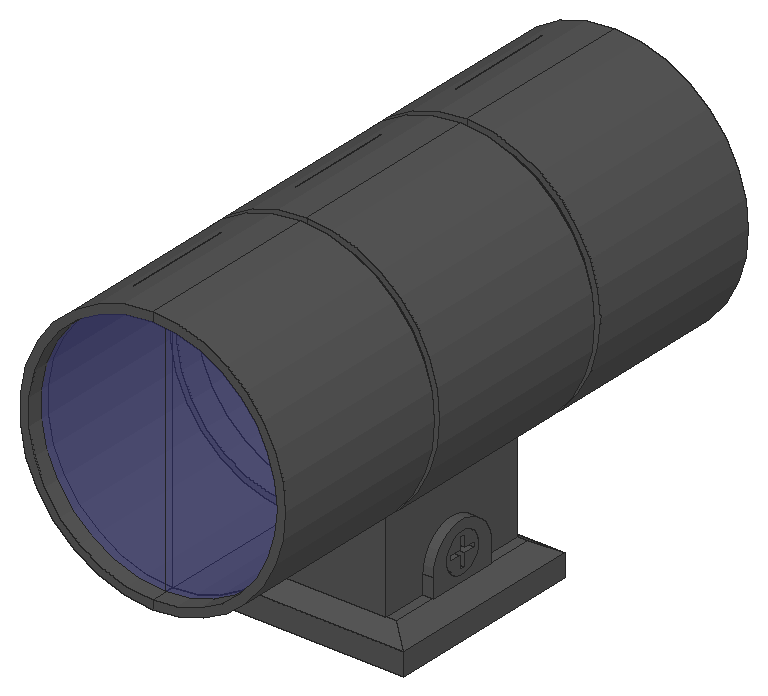
Revit family "CARLO CYLINDER LIGHT WALL MOUNT", category Lighting Fixtures, host Face, Revit 2020 (continued)
Types (10): name | Wattage_Input | Wattage Comments | Wattage | Photometric Web File | built-in parameter 1150142 | Model | built-in parameter 1150105 | Lumens | Light Length 1 | LIGHT RADIUS | LIGHT PLACEMENT | LIGHT LENGTH | LIGHT DIA | built-in parameter 1150106 | FIXED END HEIGHT | Curve base Height | Base Curve | BEAMING ANGLE | Apparent Load
     746.09 692.36 \r\n 642.09 596.2 554.9 518.84 487.68 461.64 439.56 420.35 404.01 390.4 \r\n 378.78 368.11 359.21 352.96 348.13 343.9 339.94 335.43 331.08 327.44 \r\n 324.16 321.1 318.22 315.61 312.66 308.36 304.05 300.99 298.44 296.11 \r\n 293.93 291.78 289.57 287.37 284.54 281.54 275.1 260.58 242.53 224.52 \r\n 204.87 182.62 159.22 135.75 112.43 89.366 67.985 49.401 34.653 25.894 \r\n 20.887 18.528 17.569 16.154 14.995 14.253 13.728 13.267 12.884 12.556 \r\n 12.238 11.868 11.473 11.053 10.636 10.265 9.9068 9.545 9.1803 8.797 \r\n 8.4273 8.1096 7.8087 7.5038 7.1894 6.8405 6.494 6.1902 5.8937 5.5734 \r\n 5.2573 4.9716 4.6919 4.3959 4.1047 3.8347 3.5774 3.3299 3.0913 2.8559 \r\n 2.6337 2.4389 2.2532 2.0577 1.8684 1.6972 1.5368 1.3817 1.2388 1.1163 \r\n 1.0046 0.89273 0.79331 0.71903 0.65822 0.60247 0.55474 0.51617 0.48384 0.45542 \r\n 0.4303 0.40702 0.38569 0.368 0.35099 0.33163 0.31194 0.2927 0.27463 0.25842 \r\n 0.24489 0.23529 0.22892 0.22592 0.22492 0.22583 0.22499 0.21734 0.20694 0.20242 \r\n 0.18511 0.12707 0.064758 0.029733 0.0086758 0.00087295 0.000072 0 0 0 \r\n 0 0 0 0 0.00010378 0.0028082 0.0093015 0.018717 0.039716 0.088043 \r\n 0.14158 0.18299 0.21366 0.2251 0.2296 0.23845 0.24619 0.24972 0.25324 0.26052 \r\n 0.26979 0.28083 0.29282 0.30375 0.31698 0.33659 0.3585 0.37995 0.40104 0.41972 \r\n 0.43966 0.46493 0.49233 0.5185 0.54822 0.59184 0.64284 0.69599 0.75775 0.83357 \r\n 0.92123 1.0179 1.1308 1.2717 1.4244 1.5726 1.728 1.8985 2.0788 2.267 \r\n 2.4609 2.6537 2.8569 3.0861 3.3228 3.5465 3.7794 4.0453 4.319 4.574 \r\n 4.838 5.1404 5.4494 5.7365 6.022 6.3151 6.6204 6.9565 7.2916 7.5887 \r\n 7.8821 8.1963 8.5238 8.8696 9.2213 9.5684 9.9101 10.237 10.563 10.907 \r\n 11.249 11.568 11.897 12.253 12.659 13.061 13.7 14.907 16.364 17.681 \r\n 19.404 20.929 25.315 35.944 51.245 71.714 94.542 116.76 139.35 162.53 \r\n 185.55 207.85 229 249.39 265.97 274.42 279.01 282.63 285.18 287.57 \r\n 289.73 291.87 294.04 296.28 298.86 302.28 305.91 309.26 312.4 315.12 \r\n 317.73 320.43 323.28 326.33 329.73 333.52 338.03 343.53 350.19 358.19 \r\n 367.67 378.76 391.58 406.04 422.9 442.89 465.96 491.78 521.88 558 \r\n 599.07 645 694.64 746.86 801.47 858.13 916.21 975.36 1034.3 1091.4 \r\n 1147.7 1204.3 1259.1 1310.3 1359 1405.9 1450.9 1493.8 1535.3 1576.6 \r\n 1617.1 1657.2 1695.6 1731.2 1764.1 1793.6 1820.7 1846.1 1869.9 1892.5 \r\n 1913.4 1932 1948.5 1962.9 1975.2 1985.4 1993.8 2000.3 2005.4 2009.7 \r\n 2013.2 \r\n2008.1 2013.4 2011.6 2007.7 2002.3 1996.5 1989 1978.6 1966.2 1951.9 \r\n 1936 1919 1900.7 1881 1859.6 1836 1809.7 1779.6 1746.1 1709.1 \r\n 1669.7 1628.7 1586.1 1541.9 1496.5 1450.6 1403.8 1356.2 1307.3 1256.3 \r\n 1203.5 1148.7 1092 1032.8 973.02 914.38 856.29 798.19 741.74 688.28 \r\n 638.34 592.83 551.97 516.48 485.8 459.94 437.99 419.05 402.99 389.59 \r\n 378.11 367.39 358.44 352.33 347.68 343.59 339.71 335.06 330.53 326.86 \r\n 323.59 320.52 317.66 315.13 312.27 307.97 303.65 300.65 298.16 295.83 \r\n 293.65 291.49 289.25 286.97 284.02 280.79 274.3 260.55 243.06 224.12 \r\n 203.33 180.72 157.3 134.14 111.14 87.915 66.386 48.116 33.801 25.413 \r\n 20.686 18.372 17.388 16.019 14.908 14.19 13.669 13.182 12.77 12.442 \r\n 12.128 11.741 11.332 10.914 10.506 10.144 9.7942 9.4337 9.0724 8.707 \r\n 8.3553 8.0439 7.7444 7.4378 7.1229 6.783 6.4457 6.1427 5.8453 5.5261 \r\n 5.213 4.9344 4.6615 4.3652 4.0746 3.8156 3.5687 3.3191 3.0776 2.8504 \r\n 2.636 2.4384 2.2485 2.0547 1.868 1.697 1.5366 1.3821 1.2408 1.1227 \r\n 1.0152 0.9034 0.80386 0.73387 0.67659 0.61838 0.5669 0.5269 0.49353 0.46338 \r\n 0.43681 0.41334 0.39211 0.37474 0.35843 0.34067 0.32235 0.30289 0.28408 0.26726 \r\n 0.25319 0.24343 0.23702 0.23395 0.23292 0.23379 0.23305 0.22585 0.21609 0.21266 \r\n 0.19568 0.13515 0.07028 0.035818 0.015154 0.004203 0.00012698 0 0 0 \r\n 0 0 0 0 0.000057 0.0010836 0.0050811 0.010499 0.028904 0.08083 \r\n 0.13782 0.17592 0.20216 0.21219 0.21626 0.22478 0.23293 0.23849 0.24403 0.25174 \r\n 0.26056 0.27031 0.2805 0.28917 0.30049 0.31964 0.34172 0.36381 0.38522 0.40252 \r\n 0.42096 0.44599 0.4735 0.4995 0.52923 0.57092 0.61959 0.67072 0.7312 0.80751 \r\n 0.89641 0.99455 1.1087 1.249 1.4018 1.5546 1.7142 1.8837 2.062 2.2503 \r\n 2.4449 2.639 2.8427 3.0688 3.3021 3.5251 3.7585 4.026 4.3012 4.5559 \r\n 4.8185 5.1176 5.4251 5.7183 6.0106 6.3057 6.6091 6.935 7.2613 7.5622 \r\n 7.8624 8.1796 8.508 8.8503 9.1985 9.5471 9.8909 10.216 10.543 10.89 \r\n 11.241 11.579 11.924 12.272 12.676 13.106 13.802 15.131 16.683 17.925 \r\n 19.583 21.19 25.793 36.928 52.666 73.001 95.688 118.32 141.38 164.89 \r\n 187.86 209.07 229.19 249.87 266.95 275.25 279.58 283.13 285.65 287.98 \r\n 290.08 292.19 294.34 296.57 299.14 302.59 306.24 309.56 312.68 315.46 \r\n 318.16 321.04 324.05 327.13 330.51 334.31 338.78 344.14 350.7 358.83 \r\n 368.49 379.64 392.54 407.21 424.24 444.1 467.12 493.39 524.03 560.55 \r\n 601.99 648.25 698.19 750.74 805.57 862.04 920.02 979.88 1039.5 1096.5 \r\n 1152.3 1208.7 1263.5 1314.5 1363.2 1409.9 1454.8 1498 1540 1581.1 \r\n 1621.3 1661.2 1699.4 1734.9 1767.6 1796.5 1822.9 1847.8 1871 1893.3 \r\n 1913.9 1932.7 1949.5 1964 1976.3 1986.5 1994.8 2001.2 2006.2 2010.2 \r\n 2013.2 \r\n2008.1 2013.1 2011.2 2007.2 2001.7 1995.6 1987.8 1977 1964.1 1949.5 \r\n 1933.3 1915.7 1896.8 1876.7 1855.1 1831.5 1805.1 1774.9 1741.3 1704.2 \r\n 1664.6 1624.1 1581.9 1538 1492.8 1447 1400.2 1352.6 1303.5 1252.5 \r\n 1199.4 1143.8 1086.4 1027.3 967.82 909.09 850.91 792.97 736.81 683.68 \r\n 634.13 589.07 548.72 513.87 483.76 458.13 436.32 417.67 401.89 388.7 \r\n 377.35 366.64 357.68 351.68 347.16 343.18 339.34 334.58 329.94 326.25 \r\n 322.99 319.94 317.1 314.63 311.83 307.55 303.25 300.3 297.86 295.54 \r\n 293.34 291.19 288.92 286.56 283.5 279.98 273.41 260.42 243.48 223.61 \r\n 201.68 178.68 155.22 132.39 109.73 86.355 64.689 46.725 32.844 24.872 \r\n 20.471 18.21 17.196 15.872 14.805 14.107 13.59 13.081 12.643 12.314 \r\n 12.001 11.602 11.181 10.769 10.372 10.019 9.6777 9.3186 8.9611 8.613 \r\n 8.2789 7.973 7.6743 7.3656 7.0501 6.7192 6.3914 6.0898 5.7921 5.4743 \r\n 5.1642 4.8923 4.6256 4.3292 4.0396 3.7917 3.5552 3.3037 3.0596 2.8405 \r\n 2.6341 2.4338 2.2397 2.0478 1.8639 1.6937 1.5337 1.3796 1.2397 1.126 \r\n 1.0227 0.91158 0.81266 0.74677 0.6928 0.63271 0.57814 0.53684 0.50245 0.47082 \r\n 0.44308 0.41958 0.39857 0.38154 0.3659 0.34967 0.3326 0.3128 0.29319 0.27582 \r\n 0.26134 0.25149 0.2451 0.24201 0.24096 0.24174 0.24102 0.2342 0.22489 0.22207 \r\n 0.20506 0.14231 0.075336 0.041717 0.021632 0.007563 0.00018387 0 0 0 \r\n 0 0 0 0 0.000016 0 0.0014063 0.0032745 0.019457 0.075015 \r\n 0.13537 0.17003 0.1918 0.2007 0.20458 0.21263 0.22092 0.22824 0.23555 0.24352 \r\n 0.25179 0.26032 0.26893 0.27591 0.2858 0.30434 0.32627 0.34873 0.37027 0.38636 \r\n 0.40346 0.4281 0.45557 0.48152 0.5114 0.55105 0.59733 0.64669 0.70617 0.783 \r\n 0.87306 0.97262 1.0878 1.2273 1.38 1.537 1.7007 1.8694 2.0459 2.2344 \r\n 2.4296 2.6251 2.8292 3.0524 3.2826 3.505 3.739 4.0083 4.2851 4.54 \r\n 4.8018 5.0978 5.4038 5.7022 6.0003 6.2978 6.6 6.9159 7.2332 7.538 \r\n 7.845 8.1655 8.4951 8.834 9.1788 9.5292 9.8754 10.2 10.526 10.877 \r\n 11.236 11.592 11.951 12.291 12.693 13.152 13.901 15.333 16.962 18.134 \r\n 19.74 21.442 26.271 37.905 54.067 74.269 96.813 119.82 143.34 167.18 \r\n 190.12 210.29 229.38 250.16 267.6 275.89 280.14 283.63 286.1 288.38 \r\n 290.44 292.53 294.67 296.87 299.45 302.93 306.61 309.89 312.99 315.82 \r\n 318.63 321.69 324.85 327.97 331.36 335.19 339.66 344.88 351.31 359.53 \r\n 369.31 380.52 393.48 408.34 425.52 445.3 468.3 494.99 526.16 563.05 \r\n 604.82 651.41 701.65 754.54 809.62 865.97 923.93 984.46 1044.8 1101.6 \r\n 1157.1 1213.3 1267.9 1318.9 1367.4 1414 1458.9 1502.5 1544.8 1585.8 \r\n 1625.8 1665.4 1703.4 1738.7 1771.2 1799.6 1825.5 1849.7 1872.5 1894.3 \r\n 1914.7 1933.6 1950.5 1965.1 1977.6 1987.7 1995.8 2002.2 2007.1 2010.8 \r\n 2013.2 \r\n2008.1 2013 2010.9 2006.8 2001.2 1994.9 1986.7 1975.5 1962.3 1947.5 \r\n 1931 1912.9 1893.3 1873 1851 1827.1 1800.6 1770.2 1736.6 1699.3 \r\n 1659.7 1619.3 1577.5 1533.8 1488.9 1443.1 1396.3 1348.6 1299.3 1248.1 \r\n 1194.7 1138.4 1080.5 1021.5 962.14 903.28 845.03 787.36 731.59 678.84 \r\n 629.74 585.23 545.47 511.27 481.73 456.37 434.74 416.37 400.84 387.81 \r\n 376.58 365.97 357.08 351.14 346.65 342.63 338.74 333.96 329.31 325.64 \r\n 322.42 319.39 316.56 314.1 311.31 307.07 302.82 299.94 297.55 295.24 \r\n 293.03 290.88 288.59 286.19 283.02 279.23 272.47 259.89 243.23 222.71 \r\n 200.01 176.74 153.23 130.62 108.21 84.754 63.028 45.337 31.846 24.306 \r\n 20.259 18.058 17.014 15.715 14.673 13.989 13.479 12.965 12.52 12.19 \r\n 11.877 11.472 11.048 10.645 10.26 9.9129 9.5752 9.218 8.8642 8.5279 \r\n 8.2051 7.9017 7.6025 7.292 6.9763 6.6524 6.3324 6.0332 5.7367 5.4211 \r\n 5.1137 4.8459 4.5832 4.2879 4.0003 3.7601 3.5309 3.2792 3.0346 2.8219 \r\n 2.6214 2.4196 2.223 2.0332 1.8522 1.6831 1.5238 1.3704 1.2315 1.1204 \r\n 1.02 0.91095 0.81384 0.75024 0.698 0.63788 0.5827 0.54111 0.50644 0.47444 \r\n 0.4465 0.42332 0.40271 0.38596 0.37071 0.35538 0.33896 0.3186 0.29822 0.28071 \r\n 0.26633 0.25673 0.25064 0.24774 0.24677 0.24741 0.24651 0.23975 0.23034 0.22678 \r\n 0.20886 0.14525 0.077771 0.044885 0.025256 0.0094688 0.00021887 0 0 0 \r\n 0 0 0 0 0.000002 0 0.00020926 0.001081 0.016913 0.074726 \r\n 0.13681 0.16896 0.18771 0.1963 0.20043 0.20786 0.21568 0.22355 0.23146 0.2392 \r\n 0.24695 0.2548 0.26285 0.26994 0.28001 0.29823 0.31973 0.34196 0.3632 0.3786 \r\n 0.39498 0.41908 0.44627 0.47248 0.50277 0.54155 0.58674 0.63666 0.69458 0.77159 \r\n 0.86213 0.96248 1.0783 1.2172 1.3698 1.5291 1.6949 1.8631 2.0388 2.2277 \r\n 2.4236 2.6196 2.8239 3.0457 3.2746 3.4968 3.7313 4.0018 4.2799 4.5357 \r\n 4.7978 5.0921 5.3967 5.6968 5.9973 6.2968 6.5989 6.9083 7.22 7.5279 \r\n 7.8399 8.1631 8.4938 8.8307 9.1733 9.5253 9.8736 10.197 10.523 10.878 \r\n 11.242 11.608 11.975 12.308 12.707 13.185 13.962 15.436 17.093 18.223 \r\n 19.815 21.622 26.648 38.643 55.123 75.33 97.838 121.02 144.74 168.79 \r\n 191.76 211.46 230.04 250.68 268.1 276.36 280.59 284.04 286.47 288.72 \r\n 290.76 292.84 294.98 297.17 299.74 303.25 306.96 310.22 313.3 316.16 \r\n 319.04 322.2 325.46 328.65 332.09 336.01 340.55 345.69 352.03 360.28 \r\n 370.12 381.33 394.32 409.29 426.6 446.37 469.42 496.4 527.91 565.02 \r\n 606.99 653.78 704.24 757.36 812.64 869.05 927.11 988.03 1048.7 1105.5 \r\n 1161 1217 1271.5 1322.3 1370.8 1417.3 1462.3 1506.2 1548.7 1589.7 \r\n 1629.6 1669.1 1706.9 1742.1 1774.4 1802.5 1828 1851.9 1874.2 1895.8 \r\n 1916 1934.8 1951.8 1966.4 1978.8 1988.8 1996.8 2003.1 2007.9 2011.2 \r\n 2013.2 \r\n2008.1 2012.9 2010.7 2006.5 2000.7 1994.2 1985.7 1974.3 1960.8 1945.8 \r\n 1929.1 1910.5 1890.5 1869.8 1847.5 1823.1 1796.2 1765.7 1732 1694.6 \r\n 1654.9 1614.5 1572.8 1529.4 1484.7 1438.9 1392 1344.2 1294.9 1243.2 \r\n 1189.3 1132.7 1074.5 1015.4 956.03 897.01 838.72 781.4 726.13 673.84 \r\n 625.25 581.36 542.27 508.73 479.75 454.71 433.3 415.17 399.85 386.94 \r\n 375.83 365.4 356.67 350.73 346.15 341.93 337.88 333.18 328.65 325.05 \r\n 321.87 318.87 316.06 313.52 310.67 306.5 302.36 299.55 297.22 294.93 \r\n 292.72 290.57 288.27 285.85 282.61 278.54 271.51 258.9 242.2 221.38 \r\n 198.36 174.93 151.37 128.87 106.59 83.126 61.429 43.975 30.82 23.724 \r\n 20.052 17.921 16.844 15.551 14.511 13.834 13.333 12.836 12.404 12.074 \r\n 11.757 11.355 10.938 10.548 10.175 9.8289 9.4901 9.1354 8.7851 8.454 \r\n 8.1354 7.8312 7.5298 7.2181 6.9028 6.5834 6.2688 5.9732 5.6798 5.3671 \r\n 5.0621 4.7955 4.534 4.2412 3.9566 3.7204 3.4947 3.2448 3.002 2.7936 \r\n 2.5969 2.3948 2.1976 2.0101 1.8319 1.6644 1.5062 1.3535 1.2153 1.105 \r\n 1.0061 0.90033 0.80628 0.74286 0.69054 0.63247 0.57952 0.53881 0.50471 0.47363 \r\n 0.44659 0.4241 0.40409 0.38755 0.37236 0.3572 0.34072 0.31955 0.29847 0.28129 \r\n 0.26759 0.25865 0.25317 0.25071 0.24994 0.25038 0.24906 0.24202 0.23189 0.22607 \r\n 0.20627 0.14335 0.077178 0.044843 0.025488 0.0096416 0.00022758 0 0 0 \r\n 0 0 0 0 0.000020 0 0.0018519 0.0046751 0.022309 0.080732 \r\n 0.14263 0.17337 0.19084 0.20005 0.20491 0.21157 0.21824 0.22529 0.23245 0.23942 \r\n 0.24668 0.25448 0.26316 0.27239 0.28444 0.3027 0.32352 0.34488 0.36531 0.38063 \r\n 0.39699 0.42039 0.44705 0.47384 0.50486 0.54369 0.58872 0.63843 0.69701 0.77458 \r\n 0.86565 0.96619 1.082 1.2206 1.3729 1.5323 1.6983 1.8665 2.0422 2.2319 \r\n 2.4285 2.6241 2.828 3.0503 3.2799 3.5024 3.7373 4.0083 4.2873 4.5448 \r\n 4.8084 5.1025 5.406 5.704 6.0027 6.3035 6.6068 6.914 7.2238 7.5339 \r\n 7.849 8.174 8.5058 8.842 9.1841 9.5374 9.8873 10.211 10.538 10.895 \r\n 11.262 11.628 11.994 12.322 12.717 13.2 13.977 15.424 17.056 18.175 \r\n 19.797 21.718 26.905 39.098 55.774 76.144 98.749 121.86 145.49 169.58 \r\n 192.65 212.58 231.27 251.51 268.48 276.66 280.92 284.34 286.74 288.98 \r\n 291.03 293.12 295.27 297.45 300.01 303.56 307.3 310.55 313.61 316.48 \r\n 319.37 322.54 325.85 329.11 332.67 336.77 341.44 346.57 352.87 361.1 \r\n 370.93 382.09 395.05 410.06 427.43 447.3 470.47 497.59 529.23 566.38 \r\n 608.36 655.24 705.8 759.02 814.44 871.13 929.43 990.39 1051 1108.1 \r\n 1163.7 1219.7 1274 1324.6 1373 1419.7 1464.8 1508.8 1551.4 1592.6 \r\n 1632.6 1672.2 1709.9 1744.9 1776.8 1805 1830.5 1854.2 1876.3 1897.8 \r\n 1917.9 1936.4 1953.1 1967.7 1980 1989.8 1997.6 2003.9 2008.5 2011.7 \r\n 2013.2 \r\n2008.1 2012.8 2010.5 2006.2 2000.4 1993.6 1984.9 1973.3 1959.6 1944.5 \r\n 1927.6 1908.6 1888.1 1867 1844.2 1819.3 1791.8 1761.2 1727.4 1689.8 \r\n 1650 1609.5 1567.8 1524.7 1480.3 1434.4 1387.2 1339.4 1289.9 1237.8 \r\n 1183.3 1126.4 1068 1008.8 949.34 890.13 831.81 774.93 720.26 668.48 \r\n 620.46 577.28 538.93 506.09 477.7 453.03 431.87 413.99 398.86 386.05 \r\n 375.03 364.87 356.35 350.37 345.62 341.11 336.84 332.27 327.96 324.44 \r\n 321.32 318.38 315.57 312.92 309.97 305.89 301.88 299.15 296.87 294.6 \r\n 292.4 290.25 287.94 285.53 282.21 277.85 270.49 257.63 240.74 219.79 \r\n 196.66 173.11 149.5 127.05 104.87 81.429 59.81 42.57 29.726 23.101 \r\n 19.841 17.788 16.676 15.375 14.325 13.651 13.161 12.691 12.286 11.954 \r\n 11.632 11.237 10.833 10.46 10.1 9.7537 9.4113 9.0595 8.7128 8.3836 \r\n 8.0652 7.7582 7.4537 7.1408 6.8261 6.51 6.1999 5.9089 5.6196 5.3104 \r\n 5.0076 4.7406 4.4788 4.1893 3.9085 3.6742 3.4503 3.2033 2.9636 2.7586 \r\n 2.5646 2.3629 2.166 1.9811 1.8057 1.6402 1.4835 1.3316 1.1938 1.0833 \r\n 0.98506 0.88368 0.79368 0.72934 0.67595 0.62123 0.57219 0.53297 0.49986 0.47044 \r\n 0.44496 0.42344 0.40418 0.38783 0.37253 0.35715 0.34023 0.31806 0.29628 0.27969 \r\n 0.26701 0.25895 0.25426 0.25238 0.25188 0.25205 0.25018 0.24264 0.2314 0.22236 \r\n 0.20003 0.13868 0.074907 0.043184 0.024115 0.0090093 0.00022461 0 0 0 \r\n 0 0 0 0 0.000057 0.000904 0.0051262 0.011532 0.032182 0.090459 \r\n 0.1512 0.18101 0.19799 0.20842 0.21436 0.22009 0.22516 0.23058 0.23622 0.24208 \r\n 0.24881 0.2569 0.26688 0.27951 0.29467 0.31306 0.3329 0.35294 0.37223 0.38784 \r\n 0.4046 0.42714 0.45308 0.48067 0.51261 0.55127 0.59583 0.6465 0.70788 0.78585 \r\n 0.87679 0.97714 1.0926 1.231 1.3828 1.5411 1.7063 1.8745 2.0509 2.2416 \r\n 2.4389 2.6337 2.837 3.0608 3.2921 3.5153 3.7505 4.0218 4.3015 4.5615 \r\n 4.8273 5.1221 5.4247 5.7181 6.0128 6.3147 6.6202 6.9273 7.2371 7.5489 \r\n 7.866 8.1926 8.5255 8.862 9.2043 9.559 9.9103 10.235 10.562 10.921 \r\n 11.288 11.65 12.011 12.335 12.725 13.207 13.969 15.347 16.919 18.043 \r\n 19.722 21.769 27.106 39.415 56.223 76.833 99.593 122.51 145.91 169.96 \r\n 193.18 213.68 232.77 252.39 268.64 276.79 281.18 284.58 286.96 289.21 \r\n 291.28 293.39 295.56 297.73 300.29 303.87 307.64 310.89 313.94 316.8 \r\n 319.68 322.82 326.14 329.51 333.22 337.53 342.39 347.55 353.81 361.98 \r\n 371.73 382.82 395.72 410.71 428.12 448.15 471.48 498.67 530.32 567.41 \r\n 609.32 656.21 706.83 760.09 815.64 872.73 931.39 992.2 1052.7 1110.1 \r\n 1166 1221.9 1276 1326.4 1374.6 1421.6 1467 1511 1553.6 1595.1 \r\n 1635.4 1675 1712.8 1747.4 1779.1 1807.4 1833.1 1856.7 1878.8 1900.1 \r\n 1920.1 1938.3 1954.6 1969 1981.3 1990.8 1998.4 2004.6 2009.2 2012.1 \r\n 2013.2 \r\n2008.1 2012.8 2010.5 2006.1 2000.1 1993.1 1984.3 1972.5 1958.7 1943.5 \r\n 1926.5 1907.1 1886.1 1864.6 1841.3 1815.6 1787.5 1756.6 1722.8 1685 \r\n 1645.1 1604.3 1562.4 1519.7 1475.5 1429.5 1382.1 1334.2 1284.5 1231.7 \r\n 1176.7 1119.6 1061.2 1001.7 942.06 882.64 824.31 767.95 713.98 662.78 \r\n 615.38 572.99 535.45 503.35 475.6 451.33 430.46 412.82 397.86 385.11 \r\n 374.19 364.37 356.13 350.06 345.07 340.17 335.61 33
